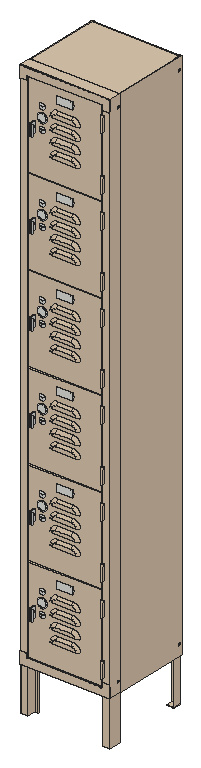
Revit family "Metal_Lockers-Salsbury_Industries-65000_66000_Series-1_Wide_Units", category Specialty Equipment, Revit 2016
Family settings
  Part Type = Normal
  Round Connector Dimension = Use Diameter
  OmniClass Number = 23.40.00.00
  OmniClass Title = Equipment and Furnishings
  Work Plane-Based = No
  Always vertical = Yes
  Cut with Voids When Loaded = No
  Shared = No
  Room Calculation Point = No
Parameters (values of type "66162 - with Standard 6" High Legs")
  Zee Base Corner - Right Side [instance] = Metal Locker Zee Base Corner : None
  Zee Base Corner - Left Side [instance] = Metal Locker Zee Base Corner : None
  Zee Base - Right Side [instance] = Metal Locker Zee Base-Right Side : None
  Zee Base - Left Side [instance] = Metal Locker Zee Base-Left Side : None
  Zee Base = Metal Locker Zee Base : None
  Width = 12.040"
  Version = "2.0 (06/30/17)"
  Unit Height including Sloping Hood Only [instance] = 78.625"
  Unit Height = 72.000"
  URL = "www.lockers.com"
  Type Comments = "Standard Metal Locker - Six Tier"
  Total Door(s) Height [instance] = 69.81949"
  Top Door = yes
  Top Compartment Divider = yes
  Sloping Top In-Line Filler - Right Side [instance] = Metal Locker Sloping Top Filler : None
  Sloping Top In-Line Filler - Left Side [instance] = Metal Locker Sloping Top Filler : None
  Sloping Top Corner Filler - Right Side [instance] = Metal Locker Sloping Corner Filler : None
  Sloping Top Corner Filler - Left Side [instance] = Metal Locker Sloping Corner Filler : None
  Sloping Hood Height = if(Depth = 12.010", 6.625", if(Depth = 15.010", 8.682", if(Depth = 18.010", 10.739", 0.000")))  # 6.625"
  Sloping Hood [instance] = Metal Locker Sloping Hood : None
  Right Side Base [instance] = Metal Locker Right Side Base : None
  Primary Structure Material [instance] = Paint - Salsbury Finish - Tan
  Overall Width including Rivets [instance] = 12.120"
  Unit Height including Base Only [instance] = 78.000"
  Overall Unit Height (including Base and Sloping Hood) [instance] = 84.625"
  OmniClass 23 Title = "Equipment and Furnishings"
  OmniClass 23 Number = "23.40.00.00"
  Model = "66162"
  MasterFormat Title = "Lockers"
  MasterFormat Number = "10 51 13"
  Manufacturer = "Salsbury Industries"
  Left Side Base [instance] = Metal Locker Left Side Base : None
  Individual Door Height = 11.534"
  Hasp Plate Rivet Material = Steel -Salsbury Finish - Polished Steel
  Hasp Handle Material = Plastic - Salsbury Finish - Black
  Front Vertical Filler - Right [instance] = Metal Locker Front Filler : None
  Front Vertical Filler - Left [instance] = Metal Locker Front Filler : None
  Front Base [instance] = Metal Locker Front Base : None
  Flat Top In-Line Filler - Right Side [instance] = Metal Locker Flat Top Filler : None
  Flat Top In-Line Filler - Left Side [instance] = Metal Locker Flat Top Filler : None
  Flat Top Corner Filler - Right Side [instance] = Metal Locker Flat Corner Filler : None
  Flat Top Corner Filler - Left Side [instance] = Metal Locker Flat Corner Filler : None
  Individual Door Width [instance] = 9.90055"
  End Panel - Right Side [instance] = Metal Locker End Panel : None
  End Panel - Left Side [instance] = Metal Locker End Panel : None
  Door Location D1 = Metal Locker Doors-12 inch with Latch Hasps : Six Tier Door - 6 foot
  Description = "1 Wide - 6 Feet High - 12 Inches Deep"
  Depth = 12.010"
  Compartment Divider Height = Individual Door Height - 0.375"  # 11.159"
  Base Height = 6.000"
  Standard Leg Base = Metal Locker Legs : 6" High - 12" W x 12" D
  Assembly Code = "C1030310"
Reference planes (in)
  plane 1 "Center (Front/Back)": y = 0
  plane 2: z = 0
  plane 3 "Center (Left/Right)": x = 0
  plane 4 "Floor": z = 0
  plane 5 "Bottom of Unit": z = 6
  plane 6 "Top of Unit": z = 78
  plane 7 "Left Side of Unit": x = -6.02
  plane 8 "Right Side of Unit": x = 6.02
  plane 9 "Back of Unit": y = 6.005
  plane 10 "Front of Unit": y = -6.005
  plane 11 "Top of Sloping Hood": z = 84.625
  plane 12 "Left Rivet": x = -6.06
  plane 13 "Right Rivet": x = 6.06
  plane 14 "Right Side of Door Opening": x = 5.02
  plane 15 "Left Side of Door Opening": x = -5.02
  plane 16 "Top of Door Opening": z = 77
  plane 17 "Bottom of Door Opening": z = 7
  plane 18 "Back Edge of Front Facing": y = -4.417
  plane 19 "Front Plate Plane": y = -6.065
  plane 20 "Horizontal Center of Top Rivets": z = 76.5
  plane 21 "Horiz Center of Bottom Rivets": z = 7.5
  plane 22 "Vertical Center of Back Rivets": y = 5.505
  plane 23 "Vertical Center of Front Rivets": y = -4.755
  plane 24 "Right Align Top Filler Overlap": x = 5.435
  plane 25 "Left Align Top Filler Overlap": x = -5.435
  plane 26 "Corner Filler Align-Left": x = -6.08
  plane 27 "Corner Filler Align-Right": x = 6.08
  plane 28 "Left Side of Door": x = -4.95029
  plane 29 "Right Side of Door": x = 4.95026
  plane 30 "Top of Door 1": z = 76.90976
  plane 31 "Bottom of Bottom Door": z = 7.09027
  plane 32 "Zee Base Offset": x = -5.669
  plane 33: x = 5.669
  plane 34 "Compartment Align 3": z = 19.159
  plane 35: x = -5.96
  plane 36: x = 5.96
  plane 37: x = -5.635
  plane 38: x = 5.635
  plane 39: y = 5.945
  plane 40: y = 5.895
  plane 41: y = 5.145
  plane 42: x = -5.9
  plane 43: x = 5.9
  plane 44: x = -5.095
  plane 45: x = 5.095
  plane 46: z = 77.94
  plane 47: z = 19.099
  plane 48: z = 18.159
  plane 49: z = 6.9204
  plane 50: z = 6.18539
  plane 51: z = 76.40796
  plane 52: z = 7.59204
  plane 53: z = 18.159
  plane 54: z = 18.62427
  plane 55: z = 18.74976
  plane 56: z = 30.28376
  plane 57: z = 30.40876
  plane 58: z = 29.78327
  plane 59: z = 30.72327
  plane 60 "Compartment Align 2": z = 30.78327
  plane 61: z = 53.72076
  plane 62: z = 41.94276
  plane 63: z = 42.06776
  plane 64: z = 41.44276
  plane 65: z = 42.38276
  plane 66 "Compartment Align 1": z = 42.44276
  plane 67: z = 71.20625
  plane 68: z = 53.60176
  plane 69: z = 53.72676
  plane 70: z = 65.26076
  plane 71: z = 65.38576
  plane 72: z = 53.10176
  plane 73: z = 54.04176
  plane 74: z = 54.10176
  plane 75: z = 64.76076
  plane 76: z = 65.70076
  plane 77: z = 65.76076
  plane 78: z = 82.86525
  plane 79: z = 94.52425
Forms (in)
  Sweep 1, solid, material "Paint - Salsbury Finish - Tan" <- "Primary Structure Material"
    path origin (0, -6.005, 0) x (1, 0, 0) y (0, 0, 1)
      loop
        line (-6.02, 78) -> (-6.02, 6) -> (6.02, 6) -> (6.02, 78) -> (-6.02, 78)
    profile origin (0, -6.005, 78) x (0, 0, 1) y (0, -1, 0)
      loop
        line (0, 0) -> (-1, 0) -> (-1, -1.588) -> (0, -1.588) -> (0, 0)
  Extrusion 2, solid, material "Paint - Salsbury Finish - Tan" <- "Primary Structure Material"
    sketch origin (0, 0, 6) x (0, -1, 0) y (1, 0, 0)
      loop
        line (4.417, 6.02) -> (-6.005, 6.02) -> (-6.005, 5.635) -> (-5.945, 5.635) -> (-5.945, 5.96) -> (4.417, 5.96) -> (4.417, 6.02)
    from 0 to 72
  Extrusion 3, solid, material "Paint - Salsbury Finish - Tan" <- "Primary Structure Material"
    sketch origin (0, 0, 6) x (0, -1, 0) y (1, 0, 0)
      loop
        line (4.417, -6.02) -> (4.417, -5.96) -> (-5.945, -5.96) -> (-5.945, -5.635) -> (-6.005, -5.635) -> (-6.005, -6.02) -> (4.417, -6.02)
    from 0 to 72
  Extrusion 4, solid, material "Paint - Salsbury Finish - Tan" <- "Primary Structure Material"
    sketch origin (0, 0, 6) x (0, -1, 0) y (1, 0, 0)
      loop
        line (-5.945, -5.96) -> (-5.145, -5.96) -> (-5.145, -5.9) -> (-5.895, -5.9) -> (-5.895, 5.9) -> (-5.145, 5.9) -> (-5.145, 5.96) -> (-5.945, 5.96) -> (-5.945, -5.96)
    from 0 to 72
  Sweep 5, solid, material "Paint - Salsbury Finish - Tan" <- "Primary Structure Material"
    path origin (0, 0, 7) x (0, -1, 0) y (1, 0, 0)
      loop
        line (4.417, -5.96) -> (4.417, 5.96) -> (-5.145, 5.96) -> (-5.145, 5.9) -> (-5.895, 5.9) -> (-5.895, -5.9) -> (-5.145, -5.9) -> (-5.145, -5.96) -> (4.417, -5.96)
    profile origin (-5.96, 0.364, 7) x (-1, 0, 0) y (0, 0, 1)
      loop
        line (0, -0.81461) -> (0, -0.0796) -> (-0.06, -0.0796) -> (-0.06, -0.81461) -> (0, -0.81461)
  Extrusion 6, solid, material "Paint - Salsbury Finish - Tan" <- "Primary Structure Material"
    sketch origin (0, 0, 7) x (0, -1, 0) y (1, 0, 0)
      loop
        line (-5.895, -5.9) -> (-5.145, -5.9) -> (-5.145, -5.96) -> (4.417, -5.96) -> (4.417, 5.96) -> (-5.145, 5.96) -> (-5.145, 5.9) -> (-5.895, 5.9) -> (-5.895, -5.9)
    from -0.0796 to 0
  Extrusion 7, solid, material "Paint - Salsbury Finish - Tan" <- "Primary Structure Material"
    sketch origin (0, 0, 78) x (0, -1, 0) y (1, 0, 0)
      loop
        line (-5.895, -5.9) -> (-5.145, -5.9) -> (-5.145, -5.96) -> (4.417, -5.96) -> (4.417, 5.96) -> (-5.145, 5.96) -> (-5.145, 5.9) -> (-5.895, 5.9) -> (-5.895, -5.9)
    from -0.06 to 0
  Extrusion 8, solid, material "Paint - Salsbury Finish - Tan" <- "Primary Structure Material"
    sketch origin (0, -6.065, 0) x (0, 0, -1) y (1, 0, 0)
      loop
        line (-78, -6.02) -> (-76.47656, -6.02)
        arc (-76.47656, -6.02) -> (-76.42806, -5.99991) -> (-76.40796, -5.9514) r 0.0686
        line (-76.40796, -5.9514) -> (-76.40796, -5.16351)
        arc (-76.40796, -5.16351) -> (-76.42809, -5.11506) -> (-76.47656, -5.095) r 0.0686
        line (-76.47656, -5.095) -> (-77, -5.095) -> (-77, 5.095) -> (-76.47656, 5.095)
        arc (-76.47656, 5.095) -> (-76.42809, 5.11506) -> (-76.40796, 5.16351) r 0.0686
        line (-76.40796, 5.16351) -> (-76.40796, 5.9514)
        arc (-76.40796, 5.9514) -> (-76.42806, 5.99991) -> (-76.47656, 6.02) r 0.0686
        line (-76.47656, 6.02) -> (-78, 6.02) -> (-78, -6.02)
    from -0.06 to 0
  Extrusion 9, solid, material "Paint - Salsbury Finish - Tan" <- "Primary Structure Material"
    sketch origin (0, -6.065, 84) x (0, 0, 1) y (-1, 0, 0)
      loop
        line (-78, 6.02) -> (-78, -6.02) -> (-76.47656, -6.02)
        arc (-76.47656, -6.02) -> (-76.42806, -5.99991) -> (-76.40796, -5.9514) r 0.0686
        line (-76.40796, -5.9514) -> (-76.40796, -5.16351)
        arc (-76.40796, -5.16351) -> (-76.42809, -5.11506) -> (-76.47656, -5.095) r 0.0686
        line (-76.47656, -5.095) -> (-77, -5.095) -> (-77, 5.095) -> (-76.47656, 5.095)
        arc (-76.47656, 5.095) -> (-76.42809, 5.11506) -> (-76.40796, 5.16351) r 0.0686
        line (-76.40796, 5.16351) -> (-76.40796, 5.9514)
        arc (-76.40796, 5.9514) -> (-76.42806, 5.99991) -> (-76.47656, 6.02) r 0.0686
        line (-76.47656, 6.02) -> (-78, 6.02)
    from -0.06 to 0
  Blend 10, solid, material "Steel -Salsbury Finish - Polished Steel" <- "Hasp Plate Rivet Material"
    base sketch origin (6.02, 0, 0) x (0, 0, -1) y (0, -1, 0)
      loop
        circle (-76.5, 4.755) r 0.187
    top sketch origin (6.02, 0, 0) x (0, 0, -1) y (0, -1, 0)
      loop
        circle (-76.5, 4.755) r 0.05319
    from 0 to -0.04
  Blend 11, solid, material "Steel -Salsbury Finish - Polished Steel" <- "Hasp Plate Rivet Material"
    base sketch origin (6.02, 0, -69) x (0, 0, -1) y (0, -1, 0)
      loop
        circle (-76.5, 4.755) r 0.187
    top sketch origin (6.02, 0, -69) x (0, 0, -1) y (0, -1, 0)
      loop
        circle (-76.5, 4.755) r 0.05319
    from 0 to -0.04
  Blend 12, solid, material "Steel -Salsbury Finish - Polished Steel" <- "Hasp Plate Rivet Material"
    base sketch origin (6.02, 10.26, -69) x (0, 0, -1) y (0, -1, 0)
      loop
        circle (-76.5, 4.755) r 0.187
    top sketch origin (6.02, 10.26, -69) x (0, 0, -1) y (0, -1, 0)
      loop
        circle (-76.5, 4.755) r 0.05319
    from 0 to -0.04
  Blend 13, solid, material "Steel -Salsbury Finish - Polished Steel" <- "Hasp Plate Rivet Material"
    base sketch origin (6.02, 10.26, 0.0043) x (0, 0, -1) y (0, -1, 0)
      loop
        circle (-76.5, 4.755) r 0.187
    top sketch origin (6.02, 10.26, 0.0043) x (0, 0, -1) y (0, -1, 0)
      loop
        circle (-76.5, 4.755) r 0.05319
    from 0 to -0.04
  Blend 14, solid, material "Steel -Salsbury Finish - Polished Steel" <- "Hasp Plate Rivet Material"
    base sketch origin (-6.02, 0, -69) x (0, 0, -1) y (0, 1, 0)
      loop
        circle (-76.5, -4.755) r 0.187
    top sketch origin (-6.02, 0, -69) x (0, 0, -1) y (0, 1, 0)
      loop
        circle (-76.5, -4.755) r 0.05319
    from 0 to -0.04
  Blend 15, solid, material "Steel -Salsbury Finish - Polished Steel" <- "Hasp Plate Rivet Material"
    base sketch origin (-6.02, 10.26, -69) x (0, 0, -1) y (0, 1, 0)
      loop
        circle (-76.5, -4.755) r 0.187
    top sketch origin (-6.02, 10.26, -69) x (0, 0, -1) y (0, 1, 0)
      loop
        circle (-76.5, -4.755) r 0.05319
    from 0 to -0.04
  Blend 16, solid, material "Steel -Salsbury Finish - Polished Steel" <- "Hasp Plate Rivet Material"
    base sketch origin (-6.02, 0, 0) x (0, 0, -1) y (0, 1, 0)
      loop
        circle (-76.5, -4.755) r 0.187
    top sketch origin (-6.02, 0, 0) x (0, 0, -1) y (0, 1, 0)
      loop
        circle (-76.5, -4.755) r 0.05319
    from 0 to -0.04
  Blend 17, solid, material "Steel -Salsbury Finish - Polished Steel" <- "Hasp Plate Rivet Material"
    base sketch origin (-6.02, 10.26, 0.00039) x (0, 0, -1) y (0, 1, 0)
      loop
        circle (-76.5, -4.755) r 0.187
    top sketch origin (-6.02, 10.26, 0.00039) x (0, 0, -1) y (0, 1, 0)
      loop
        circle (-76.5, -4.755) r 0.05319
    from 0 to -0.04
  Extrusion 18, solid, material "Paint - Salsbury Finish - Tan" <- "Primary Structure Material"
    sketch origin (0, 0, 19.159) x (0, -1, 0) y (1, 0, 0)
      loop
        line (-5.895, -5.9) -> (-5.145, -5.9) -> (-5.145, -5.96) -> (4.417, -5.96) -> (4.417, 5.96) -> (-5.145, 5.96) -> (-5.145, 5.9) -> (-5.895, 5.9) -> (-5.895, -5.9)
    from -0.06 to 0
  Sweep 19, solid, material "Paint - Salsbury Finish - Tan" <- "Primary Structure Material"
    path origin (0, 0, 19.159) x (0, -1, 0) y (1, 0, 0)
      loop
        line (4.417, -5.96) -> (4.417, 5.96) -> (-5.145, 5.96) -> (-5.145, 5.9) -> (-5.895, 5.9) -> (-5.895, -5.9) -> (-5.145, -5.9) -> (-5.145, -5.96) -> (4.417, -5.96)
    profile origin (-5.96, 0.364, 19.159) x (-1, 0, 0) y (0, 0, 1)
      loop
        line (0, -1) -> (0, -0.06) -> (-0.06, -0.06) -> (-0.06, -1) -> (0, -1)
  Extrusion 20, solid, material "Paint - Salsbury Finish - Tan" <- "Primary Structure Material"
    sketch origin (0, 0, 54.72076) x (0, -1, 0) y (1, 0, 0)
      loop
        line (-5.895, -5.9) -> (-5.145, -5.9) -> (-5.145, -5.96) -> (4.417, -5.96) -> (4.417, 5.96) -> (-5.145, 5.96) -> (-5.145, 5.9) -> (-5.895, 5.9) -> (-5.895, -5.9)
    from -23.99749 to -23.93749
  Sweep 21, solid, material "Paint - Salsbury Finish - Tan" <- "Primary Structure Material"
    path origin (0, 0, 30.78327) x (0, -1, 0) y (1, 0, 0)
      loop
        line (4.417, -5.96) -> (4.417, 5.96) -> (-5.145, 5.96) -> (-5.145, 5.9) -> (-5.895, 5.9) -> (-5.895, -5.9) -> (-5.145, -5.9) -> (-5.145, -5.96) -> (4.417, -5.96)
    profile origin (-5.96, 0.364, 30.78327) x (-1, 0, 0) y (0, 0, 1)
      loop
        line (0, -1) -> (0, -0.06) -> (-0.06, -0.06) -> (-0.06, -1) -> (0, -1)
  Extrusion 22, solid, material "Paint - Salsbury Finish - Tan" <- "Primary Structure Material"
    sketch origin (0, 0, 42.44276) x (0, -1, 0) y (1, 0, 0)
      loop
        line (-5.895, -5.9) -> (-5.145, -5.9) -> (-5.145, -5.96) -> (4.417, -5.96) -> (4.417, 5.96) -> (-5.145, 5.96) -> (-5.145, 5.9) -> (-5.895, 5.9) -> (-5.895, -5.9)
    from -0.06 to 0
  Sweep 23, solid, material "Paint - Salsbury Finish - Tan" <- "Primary Structure Material"
    path origin (0, 0, 42.44276) x (0, -1, 0) y (1, 0, 0)
      loop
        line (4.417, -5.96) -> (4.417, 5.96) -> (-5.145, 5.96) -> (-5.145, 5.9) -> (-5.895, 5.9) -> (-5.895, -5.9) -> (-5.145, -5.9) -> (-5.145, -5.96) -> (4.417, -5.96)
    profile origin (-5.96, 0.364, 42.44276) x (-1, 0, 0) y (0, 0, 1)
      loop
        line (0, -1) -> (0, -0.06) -> (-0.06, -0.06) -> (-0.06, -1) -> (0, -1)
  Extrusion 24, solid, material "Paint - Salsbury Finish - Tan" <- "Primary Structure Material"
    sketch origin (0, 0, 54.10176) x (0, -1, 0) y (1, 0, 0)
      loop
        line (-5.895, -5.9) -> (-5.145, -5.9) -> (-5.145, -5.96) -> (4.417, -5.96) -> (4.417, 5.96) -> (-5.145, 5.96) -> (-5.145, 5.9) -> (-5.895, 5.9) -> (-5.895, -5.9)
    from -0.06 to 0
  Sweep 25, solid, material "Paint - Salsbury Finish - Tan" <- "Primary Structure Material"
    path origin (0, 0, 54.10176) x (0, -1, 0) y (1, 0, 0)
      loop
        line (4.417, -5.96) -> (4.417, 5.96) -> (-5.145, 5.96) -> (-5.145, 5.9) -> (-5.895, 5.9) -> (-5.895, -5.9) -> (-5.145, -5.9) -> (-5.145, -5.96) -> (4.417, -5.96)
    profile origin (-5.96, 0.364, 54.10176) x (-1, 0, 0) y (0, 0, 1)
      loop
        line (0, -1) -> (0, -0.06) -> (-0.06, -0.06) -> (-0.06, -1) -> (0, -1)
  Extrusion 26, solid, material "Paint - Salsbury Finish - Tan" <- "Primary Structure Material", visible <- "Top Compartment Divider"
    sketch origin (0, 0, 65.76076) x (0, -1, 0) y (1, 0, 0)
      loop
        line (-5.895, -5.9) -> (-5.145, -5.9) -> (-5.145, -5.96) -> (4.417, -5.96) -> (4.417, 5.96) -> (-5.145, 5.96) -> (-5.145, 5.9) -> (-5.895, 5.9) -> (-5.895, -5.9)
    from -0.06 to 0
  Sweep 27, solid, material "Paint - Salsbury Finish - Tan" <- "Primary Structure Material", visible <- "Top Compartment Divider"
    path origin (0, 0, 65.76076) x (0, -1, 0) y (1, 0, 0)
      loop
        line (4.417, -5.96) -> (4.417, 5.96) -> (-5.145, 5.96) -> (-5.145, 5.9) -> (-5.895, 5.9) -> (-5.895, -5.9) -> (-5.145, -5.9) -> (-5.145, -5.96) -> (4.417, -5.96)
    profile origin (-5.96, 0.364, 65.76076) x (-1, 0, 0) y (0, 0, 1)
      loop
        line (0, -1) -> (0, -0.06) -> (-0.06, -0.06) -> (-0.06, -1) -> (0, -1)
Lines and regions (in)
  reference lines
    curve 1: line (-29.59242, -6.065, 78) -> (36.15758, -6.065, 78)
  symbolic lines
    curve 2: line (-6.02, 6.005, 78) -> (6.02, 6.005, 78)
    curve 3: line (-6.02, -6.065, 78) -> (-6.02, 6.005, 78)
    curve 4: line (6.02, -6.065, 78) -> (-6.02, -6.065, 78)
    curve 5: line (6.02, 6.005, 78) -> (6.02, -6.065, 78)
    curve 6: line (-6.06, -4.80819, 78) -> (-6.02, -4.91809, 78)
    curve 7: line (-6.02, -4.58043, 78) -> (-6.06, -4.70181, 78)
    curve 8: line (-6.06, -4.80819, 78) -> (-6.06, -4.70181, 78)
    curve 9: line (-6.06, 5.45181, 78) -> (-6.02, 5.31077, 78)
    curve 10: line (-6.06, 5.55819, 78) -> (-6.02, 5.68474, 78)
    curve 11: line (-6.06, 5.55819, 78) -> (-6.06, 5.45181, 78)
    curve 12: line (6.06, 5.55819, 78) -> (6.02, 5.70747, 78)
    curve 13: line (6.06, 5.45181, 78) -> (6.02, 5.3179, 78)
    curve 14: line (6.06, 5.55819, 78) -> (6.06, 5.45181, 78)
    curve 15: line (6.06, -4.70181, 78) -> (6.02, -4.57098, 78)
    curve 16: line (6.06, -4.80819, 78) -> (6.02, -4.94769, 78)
    curve 17: line (6.06, -4.70181, 78) -> (6.06, -4.80819, 78)
Dimensions and locks (in)
  equal spacing: plane 7 "Left Side of Unit", plane 3 "Center (Left/Right)", plane 8 "Right Side of Unit"
  "Width": plane 7 "Left Side of Unit" to plane 8 "Right Side of Unit"
  "Base Height": plane 5 "Bottom of Unit" to plane 4 "Floor"
  "Unit Height": plane 6 "Top of Unit" to plane 5 "Bottom of Unit"
  "Unit Height including Base Only": plane 6 "Top of Unit" to plane 4 "Floor"
  equal spacing: plane 10 "Front of Unit", plane 1 "Center (Front/Back)", plane 9 "Back of Unit"
  "Depth": plane 10 "Front of Unit" to plane 9 "Back of Unit"
  "Sloping Hood Height": plane 11 "Top of Sloping Hood" to plane 6 "Top of Unit"
  "Overall Unit Height (including Base and Sloping Hood)": plane 11 "Top of Sloping Hood" to plane 4 "Floor"
  locked: plane 12 "Left Rivet" to plane 7 "Left Side of Unit" at 0.04
  locked: plane 8 "Right Side of Unit" to plane 13 "Right Rivet" at 0.04
  "Overall Width including Rivets": plane 12 "Left Rivet" to plane 13 "Right Rivet"
  plane 6 "Top of Unit" to plane 16 "Top of Door Opening" to plane 30 "Top of Door 1" to plane 51 = 1.000" locked, 0.09024", 0.5018"
  plane 52 to plane 31 "Bottom of Bottom Door" to plane 17 "Bottom of Door Opening" to plane 5 "Bottom of Unit" = 0.50177", 0.09027", 1.000" locked
  plane 7 "Left Side of Unit" to plane 15 "Left Side of Door Opening" to plane 28 "Left Side of Door" = 1.000" locked, 0.06971"
  plane 29 "Right Side of Door" to plane 14 "Right Side of Door Opening" to plane 8 "Right Side of Unit" = 0.06974", 1.000" locked
  plane 19 "Front Plate Plane" to plane 10 "Front of Unit" to plane 18 "Back Edge of Front Facing" = 0.060" locked, 1.588" locked
  "Unit Height including Sloping Hood Only": plane 11 "Top of Sloping Hood" to plane 5 "Bottom of Unit"
  locked: plane 20 "Horizontal Center of Top Rivets" to plane 6 "Top of Unit" at 1.5
  locked: plane 5 "Bottom of Unit" to plane 21 "Horiz Center of Bottom Rivets" at 1.5
  locked: plane 22 "Vertical Center of Back Rivets" to plane 9 "Back of Unit" at 0.5
  locked: plane 10 "Front of Unit" to plane 23 "Vertical Center of Front Rivets" at 1.25
  locked: plane 24 "Right Align Top Filler Overlap" to plane 13 "Right Rivet" at 0.625
  locked: plane 12 "Left Rivet" to plane 25 "Left Align Top Filler Overlap" at 0.625
  locked: plane 8 "Right Side of Unit" to plane 27 "Corner Filler Align-Right" at 0.06
  locked: plane 26 "Corner Filler Align-Left" to plane 7 "Left Side of Unit" at 0.06
  "Individual Door Width": plane 28 "Left Side of Door" to plane 29 "Right Side of Door"
  "Total Door(s) Height": plane 30 "Top of Door 1" to plane 31 "Bottom of Bottom Door"
  plane 7 "Left Side of Unit" to plane 32 "Zee Base Offset" = 0.351"
  plane 33 to plane 8 "Right Side of Unit" = 0.351"
  plane 34 "Compartment Align 3" to plane 47 to plane 53 = 0.060" locked, 0.940" locked
  plane 7 "Left Side of Unit" to plane 35 to plane 42 to plane 37 = 0.060" locked, 0.060" locked, 0.265" locked
  plane 38 to plane 43 to plane 36 to plane 8 "Right Side of Unit" = 0.265" locked, 0.060", 0.060"
  plane 41 to plane 40 to plane 39 to plane 9 "Back of Unit" = 0.750" locked, 0.050", 0.060"
  locked: plane 7 "Left Side of Unit" to plane 44 at 0.925
  locked: plane 45 to plane 8 "Right Side of Unit" at 0.925
  locked: plane 6 "Top of Unit" to plane 46 at 0.06
  plane 47 to plane 48 = 0.940"
  locked: plane 17 "Bottom of Door Opening" to plane 49 at 0.0796
  plane 49 to plane 50 = 0.73501"
  "Compartment Divider Height": plane 53 to plane 17 "Bottom of Door Opening"
  "Individual Door Height": plane 54 to plane 31 "Bottom of Bottom Door"
  locked: plane 55 to plane 54 at 0.12549
  locked: plane 57 to plane 56 at 0.125
  "Individual Door Height": plane 56 to plane 55
  plane 60 "Compartment Align 2" to plane 59 to plane 58 = 0.060" locked, 0.940" locked
  locked: plane 63 to plane 62 at 0.125
  "Individual Door Height": plane 62 to plane 57
  "Compartment Divider Height": plane 58 to plane 54
  "Compartment Divider Height": plane 64 to plane 56
  plane 66 "Compartment Align 1" to plane 65 to plane 64 = 0.060", 0.940"
  locked: plane 69 to plane 68 at 0.125
  locked: plane 71 to plane 70 at 0.125
  "Individual Door Height": plane 68 to plane 63
  "Individual Door Height": plane 70 to plane 69
  "Compartment Divider Height": plane 72 to plane 62
  "Compartment Divider Height": plane 75 to plane 68
  plane 74 to plane 73 to plane 72 = 0.060" locked, 0.940" locked
  plane 77 to plane 76 to plane 75 = 0.060" locked, 0.940" locked
  aligned and locked: level to plane 2
  aligned and locked: Extrusion 2 to plane 6 "Top of Unit"
  aligned and locked: Extrusion 3 to plane 6 "Top of Unit"
  aligned and locked: Extrusion 4 to plane 6 "Top of Unit"
  aligned and locked: Extrusion 8 to plane 10 "Front of Unit"
  aligned and locked: Extrusion 9 to plane 10 "Front of Unit"
  aligned and locked: Extrusion 6 to plane 17 "Bottom of Door Opening"
  aligned and locked: plane 4 "Floor" to nested 2
  aligned and locked: plane 5 "Bottom of Unit" to Extrusion 9
  aligned and locked: plane 8 "Right Side of Unit" to nested 6
  aligned and locked: plane 7 "Left Side of Unit" to nested 7
  aligned and locked: Blend 10 to plane 13 "Right Rivet"
  aligned and locked: plane 8 "Right Side of Unit" to Blend 10
  aligned and locked: Blend 15 to plane 7 "Left Side of Unit"
  aligned and locked: Blend 14 to plane 7 "Left Side of Unit"  (x2)
  aligned and locked: plane 12 "Left Rivet" to Blend 14
  aligned and locked: plane 12 "Left Rivet" to Blend 15
  aligned and locked: Blend 14 to plane 12 "Left Rivet"
  aligned and locked: Blend 17 to plane 7 "Left Side of Unit"
  aligned and locked: plane 12 "Left Rivet" to Blend 17
  aligned and locked: Blend 16 to plane 7 "Left Side of Unit"
  aligned and locked: plane 12 "Left Rivet" to Blend 16
  aligned and locked: plane 5 "Bottom of Unit" to nested 10
  aligned and locked: plane 13 "Right Rivet" to nested 10
  aligned and locked: plane 12 "Left Rivet" to nested 11
  aligned and locked: nested 11 to plane 10 "Front of Unit"
  aligned and locked: plane 13 "Right Rivet" to nested 12
  aligned and locked: plane 10 "Front of Unit" to nested 12
  aligned and locked: plane 6 "Top of Unit" to nested 12
  aligned and locked: plane 12 "Left Rivet" to nested 13
  aligned and locked: plane 10 "Front of Unit" to nested 13
  aligned and locked: plane 6 "Top of Unit" to nested 13
  aligned and locked: plane 6 "Top of Unit" to nested 14
  aligned and locked: nested 14 to plane 19 "Front Plate Plane"
  aligned and locked: nested 14 to plane 24 "Right Align Top Filler Overlap"
  aligned and locked: nested 15 to plane 25 "Left Align Top Filler Overlap"
  aligned and locked: nested 15 to plane 19 "Front Plate Plane"
  aligned and locked: nested 10 to nested 15
  aligned and locked: plane 19 "Front Plate Plane" to nested 16
  aligned and locked: plane 6 "Top of Unit" to nested 16
  aligned and locked: nested 17 to plane 6 "Top of Unit"
  aligned and locked: nested 17 to plane 19 "Front Plate Plane"
  aligned and locked: plane 19 "Front Plate Plane" to nested 18
  aligned and locked: nested 19 to plane 24 "Right Align Top Filler Overlap"
  aligned and locked: nested 19 to plane 19 "Front Plate Plane"
  aligned and locked: plane 16 "Top of Door Opening" to nested 19
  aligned and locked: nested 20 to plane 16 "Top of Door Opening"
  aligned and locked: nested 20 to plane 25 "Left Align Top Filler Overlap"
  aligned and locked: nested 20 to plane 19 "Front Plate Plane"
  aligned and locked: nested 11 to plane 6 "Top of Unit"
  aligned and locked: plane 10 "Front of Unit" to nested 10
  aligned and locked: plane 10 "Front of Unit" to nested 23
  aligned and locked: plane 10 "Front of Unit" to nested 1
  aligned and locked: plane 10 "Front of Unit" to nested 2
  aligned and locked: plane 6 "Top of Unit" to nested 18
  aligned and locked: plane 7 "Left Side of Unit" to nested 17
  aligned and locked: plane 32 "Zee Base Offset" to nested 9
  aligned and locked: plane 18 "Back Edge of Front Facing" to nested 9
  aligned and locked: nested 8 to plane 18 "Back Edge of Front Facing"
  aligned and locked: plane 33 to nested 8
  aligned and locked: plane 8 "Right Side of Unit" to nested 21
  aligned and locked: nested 22 to plane 7 "Left Side of Unit"
  aligned and locked: nested 22 to curve 1
  aligned and locked: nested 21 to curve 1
  aligned and locked: Sweep 19 sketch curve to Extrusion 18
  aligned and locked: plane 7 "Left Side of Unit" to Extrusion 3
  aligned and locked: Extrusion 3 to plane 9 "Back of Unit"
  aligned and locked: Extrusion 2 to plane 8 "Right Side of Unit"
  aligned and locked: Extrusion 2 to plane 9 "Back of Unit"
  aligned and locked: plane 18 "Back Edge of Front Facing" to Extrusion 3
  aligned and locked: plane 18 "Back Edge of Front Facing" to Extrusion 2
  aligned and locked: plane 35 to Extrusion 3
  aligned and locked: plane 36 to Extrusion 2
  aligned and locked: plane 37 to Extrusion 3
  aligned and locked: plane 38 to Extrusion 2
  aligned and locked: plane 39 to Extrusion 3
  aligned and locked: plane 39 to Extrusion 2
  aligned and locked: Extrusion 4 to plane 39
  aligned and locked: plane 40 to Extrusion 4
  aligned and locked: plane 35 to Extrusion 4
  aligned and locked: plane 41 to Extrusion 4  (x2)
  aligned and locked: plane 42 to Extrusion 4
  aligned and locked: plane 43 to Extrusion 4
  aligned and locked: Extrusion 7 to plane 40
  aligned and locked: plane 42 to Extrusion 7
  aligned and locked: plane 35 to Extrusion 7  (x2)
  aligned and locked: Extrusion 7 to plane 41  (x2)
  aligned and locked: Extrusion 7 to plane 43
  aligned and locked: Extrusion 7 to plane 36  (x2)
  aligned and locked: plane 18 "Back Edge of Front Facing" to Extrusion 7
  aligned and locked: plane 18 "Back Edge of Front Facing" to Extrusion 6
  aligned and locked: Extrusion 6 to plane 40
  aligned and locked: Extrusion 6 to plane 43
  aligned and locked: Extrusion 6 to plane 41  (x2)
  aligned and locked: Extrusion 6 to plane 36
  aligned and locked: plane 42 to Extrusion 6
  aligned and locked: plane 35 to Extrusion 6
  aligned and locked: Sweep 5 to plane 40
  aligned and locked: Sweep 5 to plane 41  (x2)
  aligned and locked: Sweep 5 to plane 43
  aligned and locked: Sweep 5 to plane 36
  aligned and locked: plane 18 "Back Edge of Front Facing" to Sweep 5
  aligned and locked: plane 35 to Sweep 5
  aligned and locked: plane 42 to Sweep 5
  aligned and locked: Sweep 5 sketch curve to plane 42
  aligned and locked: plane 40 to Sweep 5 sketch curve
  aligned and locked: plane 41 to Sweep 5 sketch curve  (x2)
  aligned and locked: Sweep 5 sketch curve to plane 35  (x2)
  aligned and locked: plane 43 to Sweep 5 sketch curve
  aligned and locked: plane 36 to Sweep 5 sketch curve
  aligned and locked: Sweep 5 sketch curve to plane 18 "Back Edge of Front Facing"
  aligned and locked: Extrusion 18 to plane 40
  aligned and locked: Extrusion 18 to plane 43
  aligned and locked: Extrusion 18 to plane 41  (x2)
  aligned and locked: Extrusion 18 to plane 36
  aligned and locked: plane 18 "Back Edge of Front Facing" to Extrusion 18
  aligned and locked: plane 35 to Extrusion 18
  aligned and locked: plane 42 to Extrusion 18
  aligned and locked: plane 40 to Sweep 19 sketch curve
  aligned and locked: plane 43 to Sweep 19 sketch curve
  aligned and locked: plane 41 to Sweep 19 sketch curve  (x2)
  aligned and locked: plane 36 to Sweep 19 sketch curve
  aligned and locked: Sweep 19 sketch curve to plane 18 "Back Edge of Front Facing"
  aligned and locked: Sweep 19 sketch curve to plane 35  (x2)
  aligned and locked: Sweep 19 sketch curve to plane 42
  aligned and locked: plane 6 "Top of Unit" to Sweep 1 sketch curve  (x2)
  aligned and locked: Sweep 1 sketch curve to plane 7 "Left Side of Unit"
  aligned and locked: plane 8 "Right Side of Unit" to Sweep 1 sketch curve
  aligned and locked: Sweep 1 sketch curve to plane 5 "Bottom of Unit"
  aligned and locked: plane 10 "Front of Unit" to Sweep 1
  aligned and locked: Extrusion 8 to plane 19 "Front Plate Plane"
  aligned and locked: plane 10 "Front of Unit" to Extrusion 8
  aligned and locked: Extrusion 8 to plane 8 "Right Side of Unit"
  aligned and locked: plane 7 "Left Side of Unit" to Extrusion 8
  aligned and locked: plane 7 "Left Side of Unit" to Extrusion 9
  aligned and locked: plane 19 "Front Plate Plane" to Extrusion 9
  aligned and locked: Extrusion 9 to plane 8 "Right Side of Unit"
  aligned and locked: plane 44 to Extrusion 9
  aligned and locked: plane 45 to Extrusion 9
  aligned and locked: plane 45 to Extrusion 8
  aligned and locked: Extrusion 8 to plane 44
  aligned and locked: plane 29 "Right Side of Door" to nested 23
  aligned and locked: plane 18 "Back Edge of Front Facing" to Sweep 1 sketch curve
  aligned and locked: Sweep 1 sketch curve to plane 16 "Top of Door Opening"
  aligned and locked: Sweep 1 sketch curve to plane 10 "Front of Unit"
  aligned and locked: plane 5 "Bottom of Unit" to Extrusion 4
  aligned and locked: Extrusion 4 to plane 36
  aligned and locked: plane 5 "Bottom of Unit" to Extrusion 3
  aligned and locked: plane 5 "Bottom of Unit" to Extrusion 2
  aligned and locked: Extrusion 7 to plane 6 "Top of Unit"
  aligned and locked: plane 46 to Extrusion 7
  aligned and locked: Extrusion 18 to plane 34 "Compartment Align 3"
  aligned and locked: plane 47 to Extrusion 18
  aligned and locked: plane 42 to Sweep 19 sketch curve
  aligned and locked: plane 48 to Sweep 19 sketch curve
  aligned and locked: plane 49 to Extrusion 6
  aligned and locked: Sweep 5 to plane 49
  aligned and locked: plane 50 to Sweep 5 sketch curve
  aligned and locked: plane 49 to Sweep 5 sketch curve
  aligned and locked: plane 42 to Sweep 5 sketch curve
  aligned and locked: plane 51 to Extrusion 8  (x2)
  aligned and locked: Extrusion 8 to plane 6 "Top of Unit"
  aligned and locked: plane 16 "Top of Door Opening" to Extrusion 8
  aligned and locked: Extrusion 9 to plane 17 "Bottom of Door Opening"
  aligned and locked: plane 52 to Extrusion 9
  aligned and locked: Extrusion 9 to plane 52
  aligned and locked: plane 4 "Floor" to nested 1
  aligned and locked: plane 8 "Right Side of Unit" to nested 1
  aligned and locked: Blend 12 to plane 13 "Right Rivet"
  aligned and locked: plane 8 "Right Side of Unit" to Blend 12
  aligned and locked: plane 8 "Right Side of Unit" to Blend 13
  aligned and locked: Blend 13 to plane 13 "Right Rivet"
  aligned and locked: plane 8 "Right Side of Unit" to Blend 11
  aligned and locked: Blend 11 to plane 13 "Right Rivet"
  aligned and locked: nested 22 to curve 3
  aligned and locked: curve 4 to Extrusion 8
  aligned and locked: curve 5 to Extrusion 8
  aligned and locked: curve 8 to Blend 14
  aligned and locked: curve 11 to Blend 15
  aligned and locked: curve 14 to Blend 12
  aligned and locked: curve 17 to Blend 10
  aligned and locked: plane 53 to Sweep 19
  aligned and locked: nested 23 to plane 31 "Bottom of Bottom Door"
  aligned and locked: plane 55 to nested 24
  aligned and locked: plane 10 "Front of Unit" to nested 24
  aligned and locked: plane 29 "Right Side of Door" to nested 24
  aligned and locked: plane 29 "Right Side of Door" to nested 25
  aligned and locked: nested 25 to plane 57
  aligned and locked: Sweep 21 sketch curve to Extrusion 20
  aligned and locked: Extrusion 20 to plane 60 "Compartment Align 2"
  aligned and locked: plane 59 to Sweep 21
  aligned and locked: Sweep 21 sketch curve to plane 58
  aligned and locked: Extrusion 20 sketch curve to plane 40
  aligned and locked: plane 35 to Extrusion 20 sketch curve
  aligned and locked: plane 42 to Extrusion 20 sketch curve
  aligned and locked: Extrusion 20 sketch curve to plane 41  (x2)
  aligned and locked: plane 18 "Back Edge of Front Facing" to Extrusion 20 sketch curve
  aligned and locked: Extrusion 20 sketch curve to plane 36
  aligned and locked: Extrusion 20 sketch curve to plane 43
  aligned and locked: plane 40 to Sweep 21 sketch curve
  aligned and locked: Sweep 21 sketch curve to plane 42
  aligned and locked: Sweep 21 sketch curve to plane 35
  aligned and locked: plane 41 to Sweep 21 sketch curve  (x2)
  aligned and locked: Sweep 21 sketch curve to plane 18 "Back Edge of Front Facing"
  aligned and locked: plane 36 to Sweep 21 sketch curve
  aligned and locked: plane 43 to Sweep 21 sketch curve
  aligned and locked: plane 63 to nested 26
  aligned and locked: plane 65 to Extrusion 22
  aligned and locked: Extrusion 22 to plane 66 "Compartment Align 1"
  aligned and locked: Sweep 23 sketch curve to plane 64
  aligned and locked: plane 65 to Sweep 23 sketch curve
  aligned and locked: Sweep 23 sketch curve to plane 35
  aligned and locked: plane 41 to Sweep 23 sketch curve  (x2)
  aligned and locked: Sweep 23 sketch curve to plane 42
  aligned and locked: plane 40 to Sweep 23 sketch curve
  aligned and locked: plane 43 to Sweep 23 sketch curve
  aligned and locked: plane 36 to Sweep 23 sketch curve
  aligned and locked: Sweep 23 sketch curve to plane 18 "Back Edge of Front Facing"
  aligned and locked: Extrusion 22 to nested 5  (x3)
  aligned and locked: Extrusion 22 to plane 41  (x2)
  aligned and locked: Extrusion 22 to Sweep 23  (x2)
  aligned and locked: plane 18 "Back Edge of Front Facing" to Extrusion 22
  aligned and locked: plane 29 "Right Side of Door" to nested 26
  aligned and locked: plane 10 "Front of Unit" to nested 26
  aligned and locked: plane 10 "Front of Unit" to nested 25
  aligned and locked: nested 27 to plane 69
  aligned and locked: nested 28 to plane 71
  aligned and locked: plane 29 "Right Side of Door" to nested 27
  aligned and locked: plane 29 "Right Side of Door" to nested 28
  aligned and locked: plane 10 "Front of Unit" to nested 28
  aligned and locked: plane 10 "Front of Unit" to nested 27
  aligned and locked: Extrusion 24 to Sweep 25  (x2)
  aligned and locked: Extrusion 26 to Sweep 27  (x3)
  aligned and locked: Extrusion 24 to plane 74
  aligned and locked: plane 73 to Extrusion 24
  aligned and locked: Extrusion 26 to plane 77
  aligned and locked: plane 76 to Extrusion 26
  aligned and locked: plane 76 to Sweep 27 sketch curve
  aligned and locked: Sweep 27 sketch curve to plane 75
  aligned and locked: plane 73 to Sweep 25 sketch curve
  aligned and locked: Sweep 25 sketch curve to plane 72
  aligned and locked: Extrusion 24 sketch curve to plane 40
  aligned and locked: plane 42 to Extrusion 24 sketch curve
  aligned and locked: Extrusion 24 sketch curve to plane 41  (x2)
  aligned and locked: plane 35 to Extrusion 24 sketch curve
  aligned and locked: plane 18 "Back Edge of Front Facing" to Extrusion 24 sketch curve
  aligned and locked: Extrusion 24 sketch curve to plane 36
  aligned and locked: Extrusion 24 sketch curve to plane 43
  aligned and locked: plane 40 to Sweep 25 sketch curve
  aligned and locked: Sweep 25 sketch curve to plane 35
  aligned and locked: plane 41 to Sweep 25 sketch curve  (x2)
  aligned and locked: Sweep 25 sketch curve to plane 42
  aligned and locked: Sweep 25 sketch curve to plane 18 "Back Edge of Front Facing"
  aligned and locked: plane 36 to Sweep 25 sketch curve
  aligned and locked: plane 43 to Sweep 25 sketch curve
  aligned and locked: Extrusion 26 sketch curve to plane 40
  aligned and locked: plane 42 to Extrusion 26 sketch curve
  aligned and locked: Extrusion 26 sketch curve to plane 41  (x2)
  aligned and locked: plane 35 to Extrusion 26 sketch curve
  aligned and locked: plane 18 "Back Edge of Front Facing" to Extrusion 26 sketch curve
  aligned and locked: Extrusion 26 sketch curve to plane 36
  aligned and locked: Extrusion 26 sketch curve to plane 43
  aligned and locked: plane 40 to Sweep 27 sketch curve
  aligned and locked: Sweep 27 sketch curve to plane 42
  aligned and locked: plane 41 to Sweep 27 sketch curve  (x2)
  aligned and locked: Sweep 27 sketch curve to plane 35
  aligned and locked: Sweep 27 sketch curve to plane 18 "Back Edge of Front Facing"
  aligned and locked: plane 36 to Sweep 27 sketch curve
  aligned and locked: plane 43 to Sweep 27 sketch curve
  aligned and locked: plane 9 "Back of Unit" to curve 2
Automatic sketch dimensions
  Extrusion 2 sketch curve to plane 8 "Right Side of Unit" = 0.000"
  plane 9 "Back of Unit" to Extrusion 2 sketch curve = 0.000"
  Extrusion 2 sketch curve to plane 38 = 0.000"
  plane 39 to Extrusion 2 sketch curve = 0.000"
  plane 18 "Back Edge of Front Facing" to Extrusion 2 sketch curve = 0.000"
  Extrusion 2 sketch curve to plane 36 = 0.000"
  Extrusion 3 sketch curve to plane 7 "Left Side of Unit" = 0.000"
  plane 9 "Back of Unit" to Extrusion 3 sketch curve = 0.000"
  Extrusion 3 sketch curve to plane 37 = 0.000"
  plane 39 to Extrusion 3 sketch curve = 0.000"
  plane 18 "Back Edge of Front Facing" to Extrusion 3 sketch curve = 0.000"
  Extrusion 3 sketch curve to plane 35 = 0.000"
  Extrusion 4 sketch curve to plane 35 = 0.000"
  plane 39 to Extrusion 4 sketch curve = 0.000"
  plane 40 to Extrusion 4 sketch curve = 0.000"
  plane 41 to Extrusion 4 sketch curve = 0.000"  (x2)
  Extrusion 4 sketch curve to plane 42 = 0.000"
  Extrusion 4 sketch curve to plane 43 = 0.000"
  Extrusion 4 sketch curve to plane 36 = 0.000"
  plane 40 to Extrusion 6 sketch curve = 0.000"
  Extrusion 6 sketch curve to plane 35 = 0.000"
  plane 41 to Extrusion 6 sketch curve = 0.000"  (x2)
  plane 18 "Back Edge of Front Facing" to Extrusion 6 sketch curve = 0.000"
  Extrusion 6 sketch curve to plane 42 = 0.000"
  Extrusion 6 sketch curve to plane 43 = 0.000"
  Extrusion 6 sketch curve to plane 36 = 0.000"
  plane 40 to Extrusion 7 sketch curve = 0.000"
  Extrusion 7 sketch curve to plane 35 = 0.000"
  plane 41 to Extrusion 7 sketch curve = 0.000"  (x2)
  plane 18 "Back Edge of Front Facing" to Extrusion 7 sketch curve = 0.000"
  Extrusion 7 sketch curve to plane 42 = 0.000"
  Extrusion 7 sketch curve to plane 43 = 0.000"
  Extrusion 7 sketch curve to plane 36 = 0.000"
  Extrusion 8 sketch curve to plane 6 "Top of Unit" = 0.000"
  Extrusion 8 sketch curve to plane 16 "Top of Door Opening" = 0.000"
  plane 44 to Extrusion 8 sketch curve = 0.000"
  plane 7 "Left Side of Unit" to Extrusion 8 sketch curve = 0.000"
  plane 45 to Extrusion 8 sketch curve = 0.000"
  plane 8 "Right Side of Unit" to Extrusion 8 sketch curve = 0.000"
  Extrusion 8 sketch curve to plane 51 = 0.000"  (x2)
  plane 20 "Horizontal Center of Top Rivets" to Extrusion 8 sketch curve = 0.02344"  (x4)
  Extrusion 8 sketch curve to Extrusion 8 sketch curve = 0.0686"
  Extrusion 8 sketch curve to plane 45 = 0.06851"
  Extrusion 9 sketch curve to plane 5 "Bottom of Unit" = 0.000"
  Extrusion 9 sketch curve to plane 17 "Bottom of Door Opening" = 0.000"
  plane 44 to Extrusion 9 sketch curve = 0.000"
  plane 7 "Left Side of Unit" to Extrusion 9 sketch curve = 0.000"
  plane 45 to Extrusion 9 sketch curve = 0.000"
  plane 8 "Right Side of Unit" to Extrusion 9 sketch curve = 0.000"
  Extrusion 9 sketch curve to plane 52 = 0.000"  (x2)
  plane 21 "Horiz Center of Bottom Rivets" to Extrusion 9 sketch curve = 0.02344"  (x4)
  Extrusion 9 sketch curve to Extrusion 9 sketch curve = 0.0686"
  plane 45 to Extrusion 9 sketch curve = 0.06851"
  plane 20 "Horizontal Center of Top Rivets" to Blend 10 sketch curve = 0.000"  (x2)
  Blend 10 sketch curve to plane 23 "Vertical Center of Front Rivets" = 0.000"  (x2)
  plane 21 "Horiz Center of Bottom Rivets" to Blend 11 sketch curve = 0.000"  (x2)
  Blend 11 sketch curve to plane 23 "Vertical Center of Front Rivets" = 0.000"  (x2)
  plane 21 "Horiz Center of Bottom Rivets" to Blend 12 sketch curve = 0.000"  (x2)
  Blend 12 sketch curve to plane 22 "Vertical Center of Back Rivets" = 0.000"  (x2)
  Blend 13 sketch curve to plane 22 "Vertical Center of Back Rivets" = 0.000"  (x2)
  Blend 13 sketch curve to plane 20 "Horizontal Center of Top Rivets" = 0.0043"  (x2)
  plane 21 "Horiz Center of Bottom Rivets" to Blend 14 sketch curve = 0.000"  (x2)
  Blend 14 sketch curve to plane 23 "Vertical Center of Front Rivets" = 0.000"  (x2)
  plane 21 "Horiz Center of Bottom Rivets" to Blend 15 sketch curve = 0.000"  (x2)
  Blend 15 sketch curve to plane 22 "Vertical Center of Back Rivets" = 0.000"  (x2)
  plane 20 "Horizontal Center of Top Rivets" to Blend 16 sketch curve = 0.000"  (x2)
  Blend 16 sketch curve to plane 23 "Vertical Center of Front Rivets" = 0.000"  (x2)
  Blend 17 sketch curve to plane 22 "Vertical Center of Back Rivets" = 0.000"  (x2)
  Blend 17 sketch curve to plane 20 "Horizontal Center of Top Rivets" = 0.00039"  (x2)
  plane 19 "Front Plate Plane" to curve 1 = 0.000"
  plane 26 "Corner Filler Align-Left" to curve 1 = 23.51242"
  curve 1 to plane 27 "Corner Filler Align-Right" = 30.07758"
  plane 40 to Extrusion 18 sketch curve = 0.000"
  Extrusion 18 sketch curve to plane 35 = 0.000"
  plane 41 to Extrusion 18 sketch curve = 0.000"  (x2)
  plane 18 "Back Edge of Front Facing" to Extrusion 18 sketch curve = 0.000"
  Extrusion 18 sketch curve to plane 42 = 0.000"
  Extrusion 18 sketch curve to plane 43 = 0.000"
  Extrusion 18 sketch curve to plane 36 = 0.000"
  Sweep 21 sketch curve to profile plane = 0.000"
  Sweep 21 sketch curve to Sweep 21 sketch curve = 0.060"
  plane 40 to Extrusion 22 sketch curve = 0.000"
  Extrusion 22 sketch curve to plane 35 = 0.000"
  plane 41 to Extrusion 22 sketch curve = 0.000"  (x2)
  plane 18 "Back Edge of Front Facing" to Extrusion 22 sketch curve = 0.000"
  Extrusion 22 sketch curve to plane 42 = 0.000"
  Extrusion 22 sketch curve to plane 43 = 0.000"
  Extrusion 22 sketch curve to plane 36 = 0.000"
  Sweep 23 sketch curve to profile plane = 0.000"
  Sweep 23 sketch curve to Sweep 23 sketch curve = 0.060"
  Sweep 25 sketch curve to profile plane = 0.000"
  Sweep 25 sketch curve to Sweep 25 sketch curve = 0.060"
  Sweep 27 sketch curve to profile plane = 0.000"
  Sweep 27 sketch curve to Sweep 27 sketch curve = 0.060"
  curve 11 to plane 22 "Vertical Center of Back Rivets" = 0.05319"
  curve 14 to plane 22 "Vertical Center of Back Rivets" = 0.05319"
  plane 22 "Vertical Center of Back Rivets" to curve 9 = 0.05319"
  plane 22 "Vertical Center of Back Rivets" to curve 13 = 0.05319"
  curve 17 to plane 23 "Vertical Center of Front Rivets" = 0.05319"
  curve 8 to plane 23 "Vertical Center of Front Rivets" = 0.05319"
  plane 23 "Vertical Center of Front Rivets" to curve 8 = 0.05319"
  plane 23 "Vertical Center of Front Rivets" to curve 17 = 0.05319"
  curve 12 to curve 12 = 0.14928"
  curve 10 to curve 10 = 0.12655"
  curve 13 to curve 13 = 0.13391"
  curve 9 to curve 9 = 0.14104"
  curve 15 to curve 15 = 0.13083"
  curve 7 to curve 7 = 0.12138"
  curve 6 to curve 6 = 0.1099"
  curve 16 to curve 16 = 0.1395"
  radius of Blend 10 sketch curve = 0.187"
  radius of Blend 10 sketch curve = 0.05319"
  radius of Blend 11 sketch curve = 0.187"
  radius of Blend 11 sketch curve = 0.05319"
  radius of Blend 12 sketch curve = 0.187"
  radius of Blend 12 sketch curve = 0.05319"
  radius of Blend 13 sketch curve = 0.187"
  radius of Blend 13 sketch curve = 0.05319"
  radius of Blend 14 sketch curve = 0.187"
  radius of Blend 14 sketch curve = 0.05319"
  radius of Blend 15 sketch curve = 0.187"
  radius of Blend 15 sketch curve = 0.05319"
  radius of Blend 16 sketch curve = 0.187"
  radius of Blend 16 sketch curve = 0.05319"
  radius of Blend 17 sketch curve = 0.187"
  radius of Blend 17 sketch curve = 0.05319"
Nested families (in)
  nested 1: "Metal Locker Legs" at (0, 0, 0), type <- "Standard Leg Base", type "6" High - 12" W x 12" D"
  nested 2: "Metal Locker Front Base" at (0, 0, 0), type <- "Front Base", type "None"
  nested 3: "Metal Locker Right Side Base" at (0, 0.794, 0), type <- "Right Side Base", type "None"
  nested 4: "Metal Locker Left Side Base" at (-10.79, 0.794, 0), type <- "Left Side Base", type "None"
  nested 5: "Metal Locker Zee Base" at (0, 0, 0), type <- "Zee Base", type "None"
  nested 6: "Metal Locker Zee Base-Right Side" at (0.03, 0.824, 0), type <- "Zee Base - Right Side", type "None"
  nested 7: "Metal Locker Zee Base-Left Side" at (-8.01, 0.824, 0), type <- "Zee Base - Left Side", type "None"
  nested 8: "Metal Locker Zee Base Corner" at (6.669, -5.417, 0), type <- "Zee Base Corner - Right Side", type "None"
  nested 9: "Metal Locker Zee Base Corner" at (-6.669, -5.417, 0) x (-1, 0, 0) z (0, 0, 1), type <- "Zee Base Corner - Left Side", type "None"
  nested 10: "Metal Locker End Panel" at (10.1925, 2.167, 6), type <- "End Panel - Right Side", type "None"
  nested 11: "Metal Locker End Panel" at (-10.1925, 2.167, 6) x (-1, 0, 0) z (0, 0, 1), type <- "End Panel - Left Side", type "None"
  nested 12: "Metal Locker Front Filler" at (18.155, -3.088, 0), type <- "Front Vertical Filler - Right", type "None"
  nested 13: "Metal Locker Front Filler" at (-8.965, -3.088, 0), type <- "Front Vertical Filler - Left", type "None"
  nested 14: "Metal Locker Flat Top Filler" at (18.155, 2.113, 77.045), type <- "Flat Top In-Line Filler - Right Side", type "None"
  nested 15: "Metal Locker Flat Top Filler" at (-8.965, 2.113, 77.045), type <- "Flat Top In-Line Filler - Left Side", type "None"
  nested 16: "Metal Locker Flat Corner Filler" at (16.3025, 1.7895, 78), type <- "Flat Top Corner Filler - Right Side", type "None"
  nested 17: "Metal Locker Flat Corner Filler" at (-16.3025, 1.7895, 78) x (-1, 0, 0) z (0, 0, 1), type <- "Flat Top Corner Filler - Left Side", type "None"
  nested 18: "Metal Locker Sloping Hood" at (4.595, 2.137, 78), type <- "Sloping Hood", type "None"
  nested 19: "Metal Locker Sloping Top Filler" at (18.155, 2.113, 78.028), type <- "Sloping Top In-Line Filler - Right Side", type "None"
  nested 20: "Metal Locker Sloping Top Filler" at (-8.965, 2.113, 78.028), type <- "Sloping Top In-Line Filler - Left Side", type "None"
  nested 21: "Metal Locker Sloping Corner Filler" at (13.9095, -4.9375, 77.71202) x (0, -1, 0) z (0, 0, 1), type <- "Sloping Top Corner Filler - Right Side", type "None"
  nested 22: "Metal Locker Sloping Corner Filler" at (-7.1475, 1.8245, 77.71223), type <- "Sloping Top Corner Filler - Left Side", type "None"
  nested 23: "Metal Locker Doors-12 inch with Latch Hasps" at (-0.00024, -5.555, 7.09027), type <- "Door Location D1", type "Six Tier Door - 6 foot"
  nested 24: "Metal Locker Doors-12 inch with Latch Hasps" at (-0.00024, -5.555, 18.74976), type <- "Door Location D1", type "Six Tier Door - 6 foot"
  nested 25: "Metal Locker Doors-12 inch with Latch Hasps" at (-0.00024, -5.555, 30.40876), type <- "Door Location D1", type "Six Tier Door - 6 foot"
  nested 26: "Metal Locker Doors-12 inch with Latch Hasps" at (-0.00024, -5.555, 42.06776), type <- "Door Location D1", type "Six Tier Door - 6 foot"
  nested 27: "Metal Locker Doors-12 inch with Latch Hasps" at (-0.00024, -5.555, 53.72676), type <- "Door Location D1", type "Six Tier Door - 6 foot"
  nested 28: "Metal Locker Doors-12 inch with Latch Hasps" at (-0.00024, -5.555, 65.38576), type <- "Door Location D1", visible <- "Top Door", type "Six Tier Door - 6 foot"
Definition of nested family "Metal Locker Legs"
  Parameters (values of type "6" High - 12"W x 18"D - Bridge")
    Width = 12.007"
    Visible = yes
    Version = "1.0 (11/30/15)"
    Type Comments = "Standard Metal Locker Legs - Bridge"
    Primary Structure Material = none
    Model = "n/a"
    MasterFormat Title = ""
    MasterFormat Number = ""
    Manufacturer = "Salsbury Industries"
    Description = "12\"W x 6\" H x 18\"D"
    Depth = 18.010"
    Height = 6.000"
    Assembly Code = ""
  Types (7): name | Width | Visible | Type Comments | Description | Depth
    6" High - 12" W x 12" D | 12.040" | yes | "Standard Metal Locker Legs" | "12\"W x 6\" H x 12\"D" | 12.010"
    6" High - 12" W x 15" D | 12.040" | yes | "Standard Metal Locker Legs" | "12\"W x 6\" H x 15\"D" | 15.010"
    6" High - 12"W x 18"D | 12.040" | yes | "Standard Metal Locker Legs" | "12\"W x 6\" H x 18\"D" | 18.010"
    6" High - 15"W x 15"D | 15.040" | yes | "Standard Metal Locker Legs" | "15\"W x 6\" H x 15\"D" | 15.010"
    6" High - 15"W x 18"D | 15.040" | yes | "Standard Metal Locker Legs" | "15\"W x 6\" H x 18\"D" | 18.010"
    No Legs | 12.040" | no | "No Legs" | "" | 12.010"
    6" High - 12"W x 18"D - Bridge | 12.007" | yes | "Standard Metal Locker Legs - Bridge" | "12\"W x 6\" H x 18\"D" | 18.010"
  Reference planes (in)
    plane 1 "Center (Front/Back)": y = 0
    plane 2: z = 0
    plane 3 "Center (Left/Right)": x = 0
    plane 4 "Floor": z = 0
    plane 5 "Bottom of Unit": z = 6
    plane 6 "Left Side of Unit": x = -6.0035
    plane 7 "Right Side of Unit": x = 6.0035
    plane 8 "Back of Unit": y = 9.005
    plane 9 "Front of Unit": y = -9.005
    plane 10 "Right Side of Door Opening": x = 5.0035
    plane 11 "Left Side of Door Opening": x = -5.0035
    plane 12 "Top of back legs": z = 6.185
    plane 13 "Back Edge of Front Facing": y = -7.417
    plane 14 "Inside Edge of Front Leg": x = -4.5635
    plane 15 "Inside Edge of Right Leg": x = 4.5635
    plane 16: y = -7.82
    plane 17 "Back Edge of Rear Legs": y = 8.895
    plane 18 "Right Edge of Rear Right Leg": x = 5.8835
    plane 19 "Left Edge or Rear Left Leg": x = -5.8835
    plane 20: y = 7.895
    plane 21 "Inside Edge or Rear Right Leg": x = 4.8835
    plane 22 "Inside Edge or Left Rear Leg": x = -4.8835
  Forms (in)
    Extrusion 1, solid, material <- "Primary Structure Material", visible <- "Visible"
      sketch origin (0, 0, 0) x (0, -1, 0) y (1, 0, 0)
        loop
          line (7.417, 6.0035) -> (7.417, 5.9435) -> (8.945, 5.9435) -> (8.945, 5.0635) -> (7.76, 5.0635) -> (7.76, 4.5635) -> (7.82, 4.5635) -> (7.82, 5.0035) -> (9.005, 5.0035) -> (9.005, 6.0035) -> (7.417, 6.0035)
      from 0 to 6
    Extrusion 2, solid, material <- "Primary Structure Material", visible <- "Visible"
      sketch origin (0, 0, 0) x (0, -1, 0) y (1, 0, 0)
        loop
          line (7.417, -6.0035) -> (9.005, -6.0035) -> (9.005, -5.0035) -> (7.82, -5.0035) -> (7.82, -4.5635) -> (7.76, -4.5635) -> (7.76, -5.0635) -> (8.945, -5.0635) -> (8.945, -5.9435) -> (7.417, -5.9435) -> (7.417, -6.0035)
      from 0 to 6
    Extrusion 3, solid, material <- "Primary Structure Material", visible <- "Visible"
      sketch origin (0, 0, 0) x (0, -1, 0) y (1, 0, 0)
        loop
          line (-8.895, 5.8835) -> (-8.895, 4.8835) -> (-8.835, 4.8835) -> (-8.835, 5.8235) -> (-7.895, 5.8235) -> (-7.895, 5.8835) -> (-8.895, 5.8835)
      from 0.06 to 6.185
    Extrusion 4, solid, material <- "Primary Structure Material", visible <- "Visible"
      sketch origin (0, 0, 0) x (0, -1, 0) y (1, 0, 0)
        loop
          line (-8.895, 5.8835) -> (-8.895, 4.8835) -> (-7.895, 4.8835) -> (-7.895, 5.8835) -> (-8.895, 5.8835)
      from 0 to 0.06
    Extrusion 5, solid, material <- "Primary Structure Material", visible <- "Visible"
      sketch origin (0, 0, 0) x (0, -1, 0) y (1, 0, 0)
        loop
          line (-8.895, -5.8835) -> (-7.895, -5.8835) -> (-7.895, -5.8235) -> (-8.835, -5.8235) -> (-8.835, -4.8835) -> (-8.895, -4.8835) -> (-8.895, -5.8835)
      from 0.06 to 6.185
    Extrusion 6, solid, material <- "Primary Structure Material", visible <- "Visible"
      sketch origin (0, 0, 0) x (0, -1, 0) y (1, 0, 0)
        loop
          line (-8.895, -5.8835) -> (-7.895, -5.8835) -> (-7.895, -4.8835) -> (-8.895, -4.8835) -> (-8.895, -5.8835)
      from 0 to 0.06
  Dimensions and locks (in)
    equal spacing: plane 6 "Left Side of Unit", plane 3 "Center (Left/Right)", plane 7 "Right Side of Unit"
    "Width": plane 6 "Left Side of Unit" to plane 7 "Right Side of Unit"
    "Height": plane 5 "Bottom of Unit" to plane 4 "Floor"
    equal spacing: plane 9 "Front of Unit", plane 1 "Center (Front/Back)", plane 8 "Back of Unit"
    "Depth": plane 9 "Front of Unit" to plane 8 "Back of Unit"
    plane 12 "Top of back legs" to plane 5 "Bottom of Unit" = 0.185"
    plane 6 "Left Side of Unit" to plane 11 "Left Side of Door Opening" = 1.000"
    plane 10 "Right Side of Door Opening" to plane 7 "Right Side of Unit" = 1.000"
    locked: plane 9 "Front of Unit" to plane 13 "Back Edge of Front Facing" at 1.588
    plane 11 "Left Side of Door Opening" to plane 14 "Inside Edge of Front Leg" = 0.440"
    plane 15 "Inside Edge of Right Leg" to plane 10 "Right Side of Door Opening" = 0.440"
    plane 9 "Front of Unit" to plane 16 = 1.185"
    plane 15 "Inside Edge of Right Leg" to plane 21 "Inside Edge or Rear Right Leg" to plane 10 "Right Side of Door Opening" to plane 18 "Right Edge of Rear Right Leg" to plane 7 "Right Side of Unit" = 0.320", 0.120", 0.880", 0.120"
    plane 6 "Left Side of Unit" to plane 19 "Left Edge or Rear Left Leg" to plane 11 "Left Side of Door Opening" to plane 22 "Inside Edge or Left Rear Leg" to plane 14 "Inside Edge of Front Leg" = 0.120", 0.880", 0.120", 0.320"
    plane 20 to plane 17 "Back Edge of Rear Legs" to plane 8 "Back of Unit" = 1.000", 0.110"
    aligned and locked: level to plane 2
    aligned and locked: Extrusion 3 to Extrusion 4
    aligned and locked: Extrusion 6 to Extrusion 5
    aligned and locked: Extrusion 3 to plane 18 "Right Edge of Rear Right Leg"
    aligned and locked: Extrusion 3 to plane 17 "Back Edge of Rear Legs"
    aligned and locked: Extrusion 5 to plane 19 "Left Edge or Rear Left Leg"
    aligned and locked: Extrusion 5 to plane 17 "Back Edge of Rear Legs"
    aligned and locked: Extrusion 2 to plane 5 "Bottom of Unit"
    aligned and locked: Extrusion 1 to plane 5 "Bottom of Unit"
    aligned and locked: Extrusion 3 to plane 12 "Top of back legs"
    aligned and locked: Extrusion 5 to plane 12 "Top of back legs"
  Automatic sketch dimensions
    plane 13 "Back Edge of Front Facing" to Extrusion 1 sketch curve = 0.000"
    Extrusion 1 sketch curve to plane 15 "Inside Edge of Right Leg" = 0.000"
    plane 16 to Extrusion 1 sketch curve = 0.000"
    Extrusion 1 sketch curve to plane 7 "Right Side of Unit" = 0.000"
    plane 9 "Front of Unit" to Extrusion 1 sketch curve = 0.000"
    Extrusion 1 sketch curve to plane 10 "Right Side of Door Opening" = 0.000"
    Extrusion 1 sketch curve to plane 16 = 0.060"
    Extrusion 1 sketch curve to plane 9 "Front of Unit" = 0.060"
    Extrusion 1 sketch curve to plane 10 "Right Side of Door Opening" = 0.060"
    plane 7 "Right Side of Unit" to Extrusion 1 sketch curve = 0.060"
    plane 13 "Back Edge of Front Facing" to Extrusion 2 sketch curve = 0.000"
    Extrusion 2 sketch curve to plane 14 "Inside Edge of Front Leg" = 0.000"
    plane 16 to Extrusion 2 sketch curve = 0.000"
    Extrusion 2 sketch curve to plane 6 "Left Side of Unit" = 0.000"
    plane 9 "Front of Unit" to Extrusion 2 sketch curve = 0.000"
    Extrusion 2 sketch curve to plane 11 "Left Side of Door Opening" = 0.000"
    plane 16 to Extrusion 2 sketch curve = 0.060"
    plane 9 "Front of Unit" to Extrusion 2 sketch curve = 0.060"
    Extrusion 2 sketch curve to plane 11 "Left Side of Door Opening" = 0.060"
    plane 6 "Left Side of Unit" to Extrusion 2 sketch curve = 0.060"
    plane 17 "Back Edge of Rear Legs" to Extrusion 3 sketch curve = 0.000"
    Extrusion 3 sketch curve to plane 21 "Inside Edge or Rear Right Leg" = 0.000"
    Extrusion 3 sketch curve to plane 18 "Right Edge of Rear Right Leg" = 0.000"
    plane 20 to Extrusion 3 sketch curve = 0.000"
    plane 17 "Back Edge of Rear Legs" to Extrusion 3 sketch curve = 0.060"
    plane 18 "Right Edge of Rear Right Leg" to Extrusion 3 sketch curve = 0.060"
    plane 17 "Back Edge of Rear Legs" to Extrusion 4 sketch curve = 0.000"
    Extrusion 4 sketch curve to plane 18 "Right Edge of Rear Right Leg" = 0.000"
    plane 20 to Extrusion 4 sketch curve = 0.000"
    Extrusion 4 sketch curve to plane 21 "Inside Edge or Rear Right Leg" = 0.000"
    plane 17 "Back Edge of Rear Legs" to Extrusion 5 sketch curve = 0.000"
